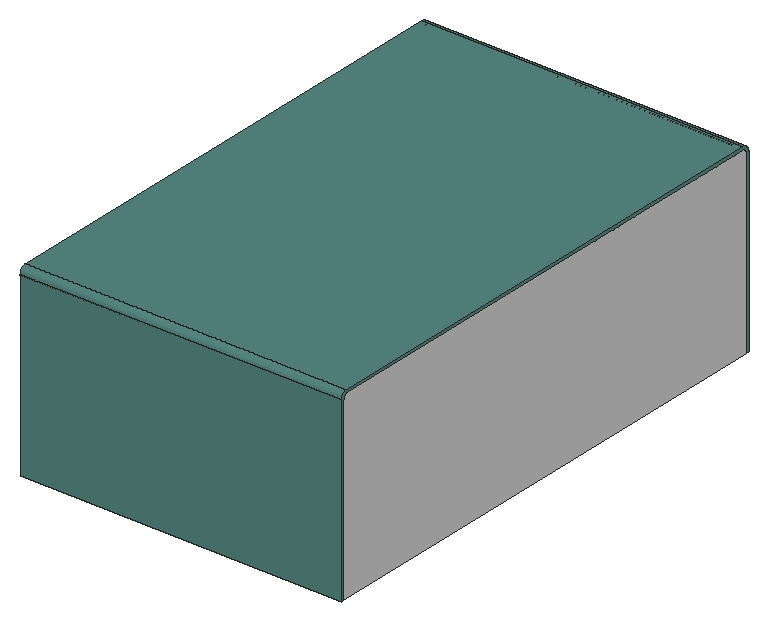
Revit family "Haworth_BandasSpace_Pouf", category Furniture, Revit 2018
Family settings
  OmniClass Number = 23.35.50.27.11.11
  OmniClass Title = Access Floors, Frames
  Work Plane-Based = No
  Always vertical = Yes
  Cut with Voids When Loaded = No
  Shared = No
  Room Calculation Point = No
Parameters (values of type "HCGN-BNF - Large Pouf")
  Warranty = "http://www.haworth.com/resources/product-info/warranties"
  URL - Product = "https://www.haworth.com/products/seating/lounge-sofas-benches/bandas-space"
  URL = "http://www.haworth.com/our-brands/haworth-collection"
  Seat Finish Outer [instance] = Haworth _ Wool _ Bandas Space _ Petrol ZN-B02 - Pouf
  Seat Finish Inner = Haworth _ Wool _ Bandas Space
  Revision Number = "1"  # constant formula
  Note = "Verify Final Dimensions w/ Haworth"  # constant formula
  Model = "HCGN-BNF2"  # constant formula
  Manufacturer = "Haworth"  # constant formula
  Description = "Haworth - Bandas Space - Pouf"
  Author = "Haworth (Alias)"  # constant formula
  Assembly Code = ""
  Actual Width = 23 77/128"  # constant formula
  Actual Height = 13 3/4"  # constant formula
  Actual Depth = 37 51/128"  # constant formula
Reference planes (in)
  plane 1: z = 0
  plane 2 "Left": x = -7.77344
  plane 3 "Right": x = 15.82812
  plane 4 "Back": y = 10.92187
  plane 5 "Front": y = -26.47656
  plane 6 "Center LR": x = 4.02734
  plane 7 "Seat Height": z = 13.75
  plane 8 "Center FB": y = -7.77734
Forms (in)
  Extrusion 1, solid, material "Haworth _ Wool _ Bandas Space" <- "Seat Finish Inner"
    sketch origin (4.02734, 0, 0) x (0, 1, 0) y (0, 0, 1)
      loop
        line (-26.22656, 13.25) -> (-26.22656, 0) -> (10.67187, 0) -> (10.67187, 13.25)
        arc (10.67187, 13.25) -> (10.59865, 13.42678) -> (10.42187, 13.5) r 0.25
        line (10.42187, 13.5) -> (-25.97656, 13.5)
        arc (-25.97656, 13.5) -> (-26.15334, 13.42678) -> (-26.22656, 13.25) r 0.25
    from -11.80078 to 11.80078
  Extrusion 2, solid, material "Haworth _ Wool _ Bandas Space _ Petrol ZN-B02 - Pouf" <- "Seat Finish Outer"
    sketch origin (4.02734, 0, 0) x (0, 1, 0) y (0, 0, 1)
      loop
        line (-26.47656, 0) -> (-26.22656, 0) -> (-26.22656, 13.25)
        arc (-26.22656, 13.25) -> (-26.15334, 13.42678) -> (-25.97656, 13.5) r 0.25
        line (-25.97656, 13.5) -> (10.42187, 13.5)
        arc (10.42187, 13.5) -> (10.59865, 13.42678) -> (10.67187, 13.25) r 0.25
        line (10.67187, 13.25) -> (10.67187, 0) -> (10.92187, 0) -> (10.92187, 13.25)
        arc (10.92187, 13.25) -> (10.77543, 13.60355) -> (10.42187, 13.75) r 0.5
        line (10.42187, 13.75) -> (-25.97656, 13.75)
        arc (-25.97656, 13.75) -> (-26.33012, 13.60355) -> (-26.47656, 13.25) r 0.5
        line (-26.47656, 13.25) -> (-26.47656, 0)
    from -11.80078 to 11.80078
Lines and regions (in)
  Masking region 1
    outline origin (0, 0, 0) x (1, 0, 0) y (0, 1, 0)
      loop
        line (-7.77344, 10.92187) -> (-7.77344, -26.47656) -> (15.82812, -26.47656) -> (15.82812, 10.92187) -> (-7.77344, 10.92187)
Dimensions and locks (in)
  "Actual Depth": plane 4 "Back" to plane 5 "Front"
  "Actual Width": plane 2 "Left" to plane 3 "Right"
  equal spacing: plane 2 "Left", plane 6 "Center LR", plane 3 "Right"
  locked: Extrusion 1 sketch curve to plane 4 "Back" at 0.25
  locked: plane 5 "Front" to Extrusion 1 sketch curve at 0.25
  locked: Extrusion 1 to plane 4 "Back" at 0.25
  locked: plane 5 "Front" to Extrusion 1 at 0.25
  locked: Extrusion 2 sketch curve to plane 7 "Seat Height" at 0.25
  locked: Extrusion 2 to plane 7 "Seat Height" at 0.25
  "Actual Height": plane 7 "Seat Height" to plane 1
  equal spacing: plane 5 "Front", plane 8 "Center FB", plane 4 "Back"
  aligned and locked: Masking region 1 sketch curve to plane 4 "Back"
  aligned and locked: plane 3 "Right" to Masking region 1 sketch curve
  aligned and locked: plane 5 "Front" to Masking region 1 sketch curve
  aligned and locked: Masking region 1 sketch curve to plane 2 "Left"
  aligned and locked: Extrusion 1 sketch curve to plane 1
  aligned and locked: Extrusion 1 to plane 3 "Right"
  aligned and locked: Extrusion 1 to plane 2 "Left"
  aligned and locked: Extrusion 2 to plane 3 "Right"
  aligned and locked: Extrusion 2 to plane 2 "Left"
  aligned and locked: Extrusion 2 sketch curve to plane 5 "Front"
  aligned and locked: Extrusion 2 sketch curve to plane 4 "Back"
  aligned and locked: Extrusion 2 sketch curve to plane 7 "Seat Height"
Automatic sketch dimensions
  Extrusion 1 sketch curve to Extrusion 1 sketch curve = 1/4"  (x2)
  Extrusion 1 sketch curve to plane 7 "Seat Height" = 1/2"
  Extrusion 2 sketch curve to Extrusion 2 sketch curve = 0"  (x4)
  Extrusion 2 sketch curve to level = 0"  (x2)
  Extrusion 2 sketch curve to plane 5 "Front" = 1/2"
  Extrusion 2 sketch curve to Extrusion 2 sketch curve = 1/4"
